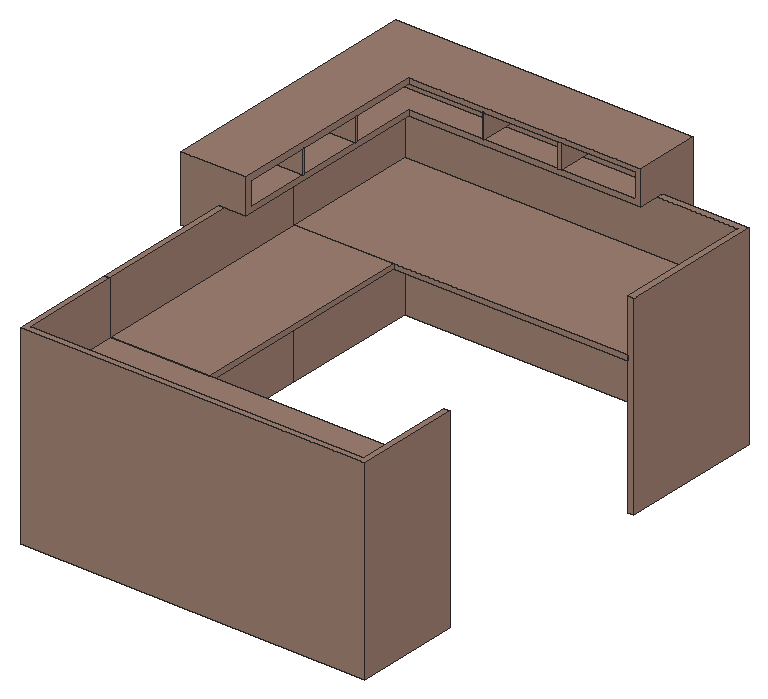
Revit family "T100127", category Furniture, Revit 2022
Family settings
  OmniClass Number = 23.40.20.00
  OmniClass Title = General Furniture and Specialties
  Work Plane-Based = No
  Always vertical = Yes
  Cut with Voids When Loaded = No
  Render Appearance Source = Family Geometry
  Shared = No
  Room Calculation Point = No
Parameters
  Default Elevation = 0' - 0"
Reference planes (in)
  plane 1 "Center Front/Back": y = 0
  plane 2: z = 0
  plane 3 "Center Left/Right": x = 0
Dimensions and locks (in)
  aligned and locked: level to plane 2
Nested families (in)
  nested 1: "OFS ELEMENT U DESK LEFT AND RIGHT WITH TRANSACTION BOX 72in Width 48in Return" at (0, 40, 0), type "ELEMENT U DESK LEFT WITH TRANSACTION BOX 72in Width 48in Return"
    with Desk Overlay Option no
Definition of nested family "OFS ELEMENT U DESK LEFT AND RIGHT WITH TRANSACTION BOX 72in Width 48in Return"
  Parameters (values of type "ELEMENT U DESK RIGHT WITH TRANSACTION BOX 72in Width 48in Return")
    Worksurface Material = none
    Worksurface Height = 2' - 5 1/2"
    Width = 6' - 0"
    URL = "http://www.ofsbrands.com/"
    Transaction Shelf Material = none
    Table Depth = 1' - 1 1/2"
    Right Return Desk Option = yes
    Return Worksurface Width = 1' - 10"
    Model = "EL-B72RU48"
    Manufacturer = "OFS"
    Left Return Desk Option = no
    Lateral Board Thickness = 0' - 1 3/16"
    Height = 3' - 11 3/4"
    Standoffs Material = none
    Groomet Material = none
    Desk Overlay Thickness = 0' - 0 1/8"
    Desk Overlay Option [instance] = yes
    Desk Overlay Material = none
    Desk Overlay = 0' - 6 1/2"
    Desk Height = 3' - 4 1/2"
    Description = "OFS BRANDS OFS ELEMENT U DESK RIGHT WITH TRANSACTION BOX, 80\"W x 56\"D DESK, 48\"W x 22\"D BRIDGE, 72\"W x 22\"D CREDENZA"
    Desk Depth = 3' - 2"
    Depth = 9' - 0"
    Default Elevation = 0' - 0"
    Credenza Depth = 1' - 10"
    Copyright © = "© 2018 OFS BRANDS"
    Catalog = "http://ofs.com/products/casegoods/reception/element"
    Box Material = none
    Box L = 1' - 6"
    Box Depth = 0' - 8"
    Box D = 4' - 4"
    Bottom Board Offset = 0' - 0"
    Chassis Material = none
    Base Depth = 2' - 6"
    Back Board Thickness = 0' - 1 3/16"
    Authoring Version = "Autodesk Revit Architecture 2013"
    Assembly Code = "E2020200"
  Types (3): name | Right Return Desk Option | Model | Left Return Desk Option | Description
    (no name) | yes | "EL-B72RU48" | no | "OFS BRANDS OFS ELEMENT U DESK RIGHT WITH TRANSACTION BOX, 80\"W x 56\"D DESK, 48\"W x 22\"D BRIDGE, 72\"W x 22\"D CREDENZA"
    ELEMENT U DESK RIGHT WITH TRANSACTION BOX 72in Width 48in Return | yes | "EL-B72RU48" | no | "OFS BRANDS OFS ELEMENT U DESK RIGHT WITH TRANSACTION BOX, 80\"W x 56\"D DESK, 48\"W x 22\"D BRIDGE, 72\"W x 22\"D CREDENZA"
    ELEMENT U DESK LEFT WITH TRANSACTION BOX 72in Width 48in Return | no | "EL-B72LU48" | yes | "OFS BRANDS OFS ELEMENT U DESK LEFT WITH TRANSACTION BOX, 80\"W x 56\"D DESK, 48\"W x 22\"D BRIDGE, 72\"W x 22\"D CREDENZA"
  Reference planes (in)
    plane 1 "Center Front/Back": y = 0
    plane 2: z = 0
    plane 3 "Center Left/Right": x = 0
    plane 4 "Back External": y = 19
    plane 5 "Right External": x = 36
    plane 6 "Front External": y = -19
    plane 7 "Left External": x = -36
    plane 8 "Seat Height": z = 29.5
    plane 9 "Height": z = 47.75
    plane 10: x = 34.8125
    plane 11: x = -34.8125
    plane 12: y = 11
    plane 13: y = 9.8125
    plane 14: y = 5.5
    plane 15: z = 40.5
    plane 16: z = 28.5
    plane 17: z = 46.625
    plane 18: z = 0
    plane 19: x = 29.5
    plane 20: x = -29.5
    plane 21: z = 6.5
    plane 22: z = 34
    plane 23: y = 11.125
    plane 24: y = -89
    plane 25: x = -14
    plane 26: x = 14
    plane 27: y = -87.8125
    plane 28: x = -31
    plane 29: x = 31
    plane 30: x = -18
    plane 31: x = 44
    plane 32: x = -44
    plane 33: x = -30.5
    plane 34: x = 30.5
    plane 35: x = 18
    plane 36: y = -37
    plane 37: y = -35.8125
    plane 38: x = 42.8125
    plane 39: x = -42.8125
    plane 40: x = -16.8125
    plane 41: x = 16.8125
    plane 42: z = 41.625
    plane 43: y = 17.8125
    plane 44: y = -8.27083
    plane 45: y = -22.04167
    plane 46: x = -1.04167
    plane 47: x = 14.72917
    plane 48: x = 1.04167
    plane 49: x = -14.72917
    plane 50: y = -67
  Forms (in)
    Extrusion 1, solid, material <- "Worksurface Material"
      sketch origin (0, 0, 0) x (1, 0, 0) y (0, 1, 0)
        loop
          line (-34.8125, 9.8125) -> (-34.8125, -19) -> (34.8125, -19) -> (34.8125, 9.8125) -> (-34.8125, 9.8125)
      from 28.5 to 29.5
    Extrusion 2, solid, material <- "Chassis Material"
      sketch origin (0, 0, 0) x (1, 0, 0) y (0, 1, 0)
        loop
          line (-36, -19) -> (-34.8125, -19) -> (-34.8125, 9.8125) -> (34.8125, 9.8125) -> (34.8125, -19) -> (36, -19) -> (36, 11) -> (-36, 11) -> (-36, -19)
      from 0 to 40.5
    Extrusion 3, solid, material <- "Box Material", visible <- "Right Return Desk Option"
      sketch origin (0, 0, 6) x (1, 0, 0) y (0, 1, 0)
        loop
          line (-18, 19) -> (-18, 5.5) -> (30.5, 5.5) -> (30.5, -37) -> (44, -37) -> (44, 19) -> (-18, 19)
      from 40.625 to 41.75
    Extrusion 4, solid, material <- "Desk Overlay Material", visible <- "Desk Overlay Option"
      sketch origin (0, 0, 0) x (1, 0, 0) y (0, 0, 1)
        loop
          line (29.5, 34) -> (-29.5, 34) -> (-29.5, 6.5) -> (29.5, 6.5) -> (29.5, 34)
      from -11.125 to -11
    Extrusion 5, solid, material <- "Chassis Material", visible <- "Left Return Desk Option"
      sketch origin (0, 0, 0) x (1, 0, 0) y (0, 1, 0)
        loop
          line (-36, -19) -> (-36, -67) -> (-34.8125, -67) -> (-34.8125, -19) -> (-36, -19)
      from 0 to 40.5
    Extrusion 6, solid, material <- "Worksurface Material", visible <- "Left Return Desk Option"
      sketch origin (14.83926, -32.43958, 0) x (1, 0, 0) y (0, 1, 0)
        loop
          line (-49.65176, 13.43958) -> (-49.65176, -34.56042) -> (-28.83926, -34.56042) -> (-28.83926, 13.43958) -> (-49.65176, 13.43958)
      from 28.5 to 29.5
    Extrusion 7, solid, material <- "Chassis Material", visible <- "Right Return Desk Option"
      sketch origin (0, 0, 0) x (-1, 0, 0) y (0, -1, 0)
        loop
          line (-36, 19) -> (-34.8125, 19) -> (-34.8125, 67) -> (-36, 67) -> (-36, 19)
      from 0 to 40.5
    Extrusion 8, solid, material <- "Worksurface Material", visible <- "Right Return Desk Option"
      sketch origin (-14.83926, -32.43958, 0) x (-1, 0, 0) y (0, -1, 0)
        loop
          line (-49.65176, -13.43958) -> (-28.83926, -13.43958) -> (-28.83926, 34.56042) -> (-49.65176, 34.56042) -> (-49.65176, -13.43958)
      from 28.5 to 29.5
    Extrusion 9, solid, material <- "Box Material", visible <- "Left Return Desk Option"
      sketch origin (0, 0, 6) x (-1, 0, 0) y (0, -1, 0)
        loop
          line (-18, -19) -> (44, -19) -> (44, 37) -> (30.5, 37) -> (30.5, -5.5) -> (-18, -5.5) -> (-18, -19)
      from 40.625 to 41.75
    Extrusion 10, solid, material <- "Box Material", visible <- "Left Return Desk Option"
      sketch origin (22, -38, 6) x (-1, 0, 0) y (0, -1, 0)
        loop
          line (4, -49) -> (58, -49) -> (58, -1) -> (52.5, -1) -> (52.5, -43.5) -> (4, -43.5) -> (4, -49)
      from 34.5 to 35.625
    Extrusion 11, solid, material <- "Box Material", visible <- "Right Return Desk Option"
      sketch origin (-22, -38, 6) x (1, 0, 0) y (0, 1, 0)
        loop
          line (4, 49) -> (4, 43.5) -> (52.5, 43.5) -> (52.5, 1) -> (58, 1) -> (58, 49) -> (4, 49)
      from 34.5 to 35.625
    Extrusion 12, solid, material <- "Box Material", visible <- "Right Return Desk Option"
      sketch origin (0, 0, 0) x (1, 0, 0) y (0, 1, 0)
        loop
          line (-18, 19) -> (-18, 17.8125) -> (42.8125, 17.8125) -> (42.8125, -37) -> (44, -37) -> (44, 19) -> (-18, 19)
      from 34 to 47.75
    Extrusion 13, solid, material <- "Box Material", visible <- "Left Return Desk Option"
      sketch origin (0, 0, 0) x (-1, 0, 0) y (0, -1, 0)
        loop
          line (-18, -19) -> (44, -19) -> (44, 37) -> (42.8125, 37) -> (42.8125, -17.8125) -> (-18, -17.8125) -> (-18, -19)
      from 34 to 47.75
    Extrusion 14, solid, material <- "Box Material", visible <- "Left Return Desk Option"
      sketch origin (0, 0, 0) x (1, 0, 0) y (0, 0, 1)
        loop
          line (-42.8125, 46.625) -> (-42.8125, 34) -> (-36, 34) -> (-36, 41.625) -> (-30.5, 41.625) -> (-30.5, 46.625) -> (-42.8125, 46.625)
      from 35.8125 to 37
    Extrusion 15, solid, material <- "Box Material", visible <- "Right Return Desk Option"
      sketch origin (0, 0, 0) x (-1, 0, 0) y (0, 0, -1)
        loop
          line (-42.8125, -46.625) -> (-30.5, -46.625) -> (-30.5, -41.625) -> (-36, -41.625) -> (-36, -34) -> (-42.8125, -34) -> (-42.8125, -46.625)
      from 35.8125 to 37
    Extrusion 16, solid, material <- "Box Material", visible <- "Right Return Desk Option"
      sketch origin (0, 5.66667, 0) x (1, 0, 0) y (0, 1, 0)
        loop
          line (30.5, -13.8125) -> (30.5, -14.0625) -> (42.8125, -14.0625) -> (42.8125, -13.8125) -> (30.5, -13.8125)
      from 41.625 to 46.625
    Extrusion 17, solid, material <- "Box Material", visible <- "Right Return Desk Option"
      sketch origin (0, -6.66667, 0) x (1, 0, 0) y (0, 1, 0)
        loop
          line (30.5, -15.25) -> (30.5, -15.5) -> (42.8125, -15.5) -> (42.8125, -15.25) -> (30.5, -15.25)
      from 41.625 to 46.625
    Extrusion 18, solid, material <- "Box Material", visible <- "Left Return Desk Option"
      sketch origin (0, 5.66667, 0) x (-1, 0, 0) y (0, -1, 0)
        loop
          line (30.5, 13.8125) -> (42.8125, 13.8125) -> (42.8125, 14.0625) -> (30.5, 14.0625) -> (30.5, 13.8125)
      from 41.625 to 46.625
    Extrusion 19, solid, material <- "Box Material", visible <- "Left Return Desk Option"
      sketch origin (0, -6.66667, 0) x (-1, 0, 0) y (0, -1, 0)
        loop
          line (30.5, 15.25) -> (42.8125, 15.25) -> (42.8125, 15.5) -> (30.5, 15.5) -> (30.5, 15.25)
      from 41.625 to 46.625
    Extrusion 20, solid, material <- "Box Material", visible <- "Right Return Desk Option"
      sketch origin (1.16497, -1.66375, 0) x (1, 0, 0) y (0, 1, 0)
        loop
          line (13.58503, 19.47625) -> (13.58503, 7.16375) -> (13.9392, 7.16375) -> (13.9392, 19.47625) -> (13.58503, 19.47625)
      from 41.625 to 46.625
    Extrusion 21, solid, material <- "Box Material", visible <- "Right Return Desk Option"
      sketch origin (-14.60586, -1.66375, 0) x (1, 0, 0) y (0, 1, 0)
        loop
          line (13.1892, 19.47625) -> (13.1892, 7.16375) -> (13.9392, 7.16375) -> (13.9392, 19.47625) -> (13.1892, 19.47625)
      from 41.625 to 46.625
    Extrusion 22, solid, material <- "Box Material", visible <- "Left Return Desk Option"
      sketch origin (-1.16497, -1.66375, 0) x (-1, 0, 0) y (0, -1, 0)
        loop
          line (13.58503, -19.47625) -> (13.9392, -19.47625) -> (13.9392, -7.16375) -> (13.58503, -7.16375) -> (13.58503, -19.47625)
      from 41.625 to 46.625
    Extrusion 23, solid, material <- "Box Material", visible <- "Left Return Desk Option"
      sketch origin (14.60586, -1.66375, 0) x (-1, 0, 0) y (0, -1, 0)
        loop
          line (13.1892, -19.47625) -> (13.9392, -19.47625) -> (13.9392, -7.16375) -> (13.1892, -7.16375) -> (13.1892, -19.47625)
      from 41.625 to 46.625
    Extrusion 24, solid, material <- "Box Material", visible <- "Right Return Desk Option"
      sketch origin (-3.41497, -1.91375, 0) x (-1, 0, 0) y (0, -1, 0)
        loop
          line (13.39753, -19.72625) -> (14.58503, -19.72625) -> (14.58503, -7.41375) -> (13.39753, -7.41375) -> (13.39753, -19.72625)
      from 41.625 to 46.625
    Extrusion 25, solid, material <- "Box Material", visible <- "Left Return Desk Option"
      sketch origin (2.66497, -1.91375, 0) x (1, 0, 0) y (0, 1, 0)
        loop
          line (14.14753, 19.72625) -> (14.14753, 7.41375) -> (15.33503, 7.41375) -> (15.33503, 19.72625) -> (14.14753, 19.72625)
      from 41.625 to 46.625
    Extrusion 26, solid, material <- "Box Material", visible <- "Right Return Desk Option"
      sketch origin (-3.41497, -1.91375, 0) x (-1, 0, 0) y (0, -1, 0)
        loop
          line (13.39753, -19.72625) -> (14.58503, -19.72625) -> (14.58503, -12.91375) -> (13.39753, -12.91375) -> (13.39753, -19.72625)
      from 34 to 41.625
    Extrusion 27, solid, material <- "Box Material", visible <- "Left Return Desk Option"
      sketch origin (38.58503, -1.91375, 0) x (-1, 0, 0) y (0, -1, 0)
        loop
          line (20.58503, -19.72625) -> (21.77253, -19.72625) -> (21.77253, -12.91375) -> (20.58503, -12.91375) -> (20.58503, -19.72625)
      from 34 to 41.625
    Extrusion 28, solid, material <- "Worksurface Material"
      sketch origin (36.05246, -53.65278, 0) x (1, 0, 0) y (0, 1, 0)
        loop
          line (-70.86496, -13.34722) -> (-70.86496, -34.15972) -> (-1.23996, -34.15972) -> (-1.23996, -13.34722) -> (-70.86496, -13.34722)
      from 28.5 to 29.5
    Extrusion 29, solid, material <- "Chassis Material"
      sketch origin (22.69245, -7.81364, 0) x (1, 0, 0) y (0, 1, 0)
        loop
          line (-58.69245, -59.18636) -> (-58.69245, -81.18636) -> (13.30755, -81.18636) -> (13.30755, -59.18636) -> (12.12005, -59.18636) -> (12.12005, -79.99886) -> (-57.50495, -79.99886) -> (-57.50495, -59.18636) -> (-58.69245, -59.18636)
      from 0 to 40.5
  Cuts and joins
    joined: Extrusion 9, Extrusion 10, Extrusion 13, Extrusion 14, Extrusion 25, Extrusion 27
    joined: Extrusion 3, Extrusion 11, Extrusion 12, Extrusion 15, Extrusion 24, Extrusion 26
  Dimensions and locks (in)
    equal spacing: plane 7 "Left External", plane 3 "Center Left/Right", plane 5 "Right External"
    "Width": plane 7 "Left External" to plane 5 "Right External"
    equal spacing: plane 6 "Front External", plane 1 "Center Front/Back", plane 4 "Back External"
    "Desk Depth": plane 4 "Back External" to plane 6 "Front External"
    "Worksurface Height": plane 8 "Seat Height" to level
    "Height": plane 9 "Height" to level
    "Lateral Board Thickness": plane 7 "Left External" to plane 11
    "Lateral Board Thickness": plane 10 to plane 5 "Right External"
    "Base Depth": plane 12 to plane 6 "Front External"
    "Back Board Thickness": plane 12 to plane 13
    "Table Depth": plane 4 "Back External" to plane 14
    "Desk Height": plane 15 to level
    "Bottom Board Offset": plane 18 to level
    "Desk Overlay": plane 5 "Right External" to plane 19
    "Desk Overlay": plane 20 to plane 7 "Left External"
    plane 20 to plane 19 = 4' - 11"
    "Desk Overlay": plane 22 to plane 15
    "Desk Overlay": plane 18 to plane 21
    "Desk Overlay Thickness": plane 23 to plane 12
    "Depth": plane 4 "Back External" to plane 24
    "Return Worksurface Width": plane 7 "Left External" to plane 25
    "Return Worksurface Width": plane 26 to plane 5 "Right External"
    "Back Board Thickness": plane 27 to plane 24
    locked: plane 7 "Left External" to plane 28 at 5
    locked: plane 29 to plane 5 "Right External" at 5
    locked: plane 9 "Height" to plane 17 at 1.125
    locked: plane 8 "Seat Height" to plane 16 at 1
    "Box Depth": plane 5 "Right External" to plane 31
    "Box Depth": plane 7 "Left External" to plane 32
    "Table Depth": plane 32 to plane 33
    "Table Depth": plane 31 to plane 34
    "Box L": plane 7 "Left External" to plane 30
    "Box L": plane 5 "Right External" to plane 35
    "Box D": plane 36 to plane 24
    "Back Board Thickness": plane 37 to plane 36
    "Back Board Thickness": plane 38 to plane 31
    "Back Board Thickness": plane 39 to plane 32
    "Back Board Thickness": plane 30 to plane 40
    "Back Board Thickness": plane 41 to plane 35
    locked: plane 42 to plane 15 at 1.125
    "Back Board Thickness": plane 4 "Back External" to plane 43
    equal spacing: plane 14, plane 44, plane 45, plane 37
    equal spacing: plane 40, plane 46, plane 47, plane 34
    equal spacing: plane 41, plane 48, plane 49, plane 33
    "Credenza Depth": plane 50 to plane 24
    aligned and locked: level to plane 2
    aligned and locked: Extrusion 1 sketch curve to plane 13
    aligned and locked: Extrusion 1 sketch curve to plane 11
    aligned and locked: plane 6 "Front External" to Extrusion 1 sketch curve
    aligned and locked: Extrusion 1 sketch curve to plane 10
    aligned and locked: plane 7 "Left External" to Extrusion 2 sketch curve
    aligned and locked: Extrusion 2 sketch curve to Extrusion 1  (x3)
    aligned and locked: plane 12 to Extrusion 2 sketch curve
    aligned and locked: plane 5 "Right External" to Extrusion 2 sketch curve
    aligned and locked: Extrusion 1 to Extrusion 2 sketch curve
    aligned and locked: Extrusion 2 sketch curve to plane 13
    aligned and locked: Extrusion 2 to plane 18
    aligned and locked: Extrusion 1 to plane 16
    aligned and locked: plane 8 "Seat Height" to Extrusion 1
    aligned and locked: Extrusion 3 to plane 14
    aligned and locked: Extrusion 3 to plane 4 "Back External"
    aligned and locked: Extrusion 3 to plane 9 "Height"
    aligned and locked: Extrusion 3 to plane 17
    aligned and locked: Extrusion 4 sketch curve to plane 22
    aligned and locked: Extrusion 4 sketch curve to plane 19
    aligned and locked: Extrusion 4 sketch curve to plane 21
    aligned and locked: Extrusion 4 sketch curve to plane 20
    aligned and locked: Extrusion 4 to plane 12
    aligned and locked: Extrusion 4 to plane 23
    aligned and locked: Extrusion 5 sketch curve to plane 6 "Front External"
    aligned and locked: plane 11 to Extrusion 6
    aligned and locked: plane 6 "Front External" to Extrusion 6
    aligned and locked: Extrusion 6 to plane 25
    aligned and locked: plane 6 "Front External" to Extrusion 8
    aligned and locked: Extrusion 8 to plane 26
    aligned and locked: plane 10 to Extrusion 8
    aligned and locked: plane 6 "Front External" to Extrusion 7
    aligned and locked: Extrusion 7 to plane 10
    aligned and locked: plane 5 "Right External" to Extrusion 7
    aligned and locked: Extrusion 5 to plane 18
    aligned and locked: Extrusion 7 to plane 18
    aligned and locked: plane 15 to Extrusion 7
    aligned and locked: plane 15 to Extrusion 5
    aligned and locked: plane 31 to Extrusion 3 sketch curve
    aligned and locked: plane 34 to Extrusion 3 sketch curve
    aligned and locked: plane 36 to Extrusion 3 sketch curve
    aligned and locked: Extrusion 3 sketch curve to plane 30
    aligned and locked: plane 9 "Height" to Extrusion 9
    aligned and locked: Extrusion 9 to plane 17
    aligned and locked: Extrusion 6 to plane 16
    aligned and locked: plane 8 "Seat Height" to Extrusion 6
    aligned and locked: Extrusion 8 to plane 16
    aligned and locked: plane 8 "Seat Height" to Extrusion 8
    aligned and locked: plane 15 to Extrusion 2
    aligned and locked: Extrusion 10 to plane 7 "Left External"
    aligned and locked: Extrusion 10 to plane 33
    aligned and locked: Extrusion 10 to plane 14
    aligned and locked: Extrusion 10 to plane 35
    aligned and locked: Extrusion 10 to plane 36
    aligned and locked: Extrusion 10 to plane 15
    aligned and locked: plane 42 to Extrusion 10
    aligned and locked: Extrusion 11 to plane 15
    aligned and locked: plane 42 to Extrusion 11
    aligned and locked: plane 36 to Extrusion 12 sketch curve
    aligned and locked: plane 31 to Extrusion 12 sketch curve
    aligned and locked: Extrusion 12 sketch curve to plane 38
    aligned and locked: plane 9 "Height" to Extrusion 13
    aligned and locked: Extrusion 13 to plane 35
    aligned and locked: Extrusion 12 to plane 30
    aligned and locked: plane 39 to Extrusion 14 sketch curve
    aligned and locked: Extrusion 14 sketch curve to plane 17
    aligned and locked: plane 42 to Extrusion 14 sketch curve
    aligned and locked: Extrusion 14 sketch curve to plane 7 "Left External"
    aligned and locked: Extrusion 14 to plane 33
    aligned and locked: plane 37 to Extrusion 14
    aligned and locked: Extrusion 14 to plane 36
    aligned and locked: Extrusion 15 to plane 36
    aligned and locked: plane 37 to Extrusion 15
    aligned and locked: Extrusion 12 to plane 9 "Height"
    aligned and locked: plane 22 to Extrusion 15
    aligned and locked: Extrusion 12 to plane 22
    aligned and locked: Extrusion 14 to plane 22
    aligned and locked: Extrusion 13 to plane 22
    aligned and locked: Extrusion 16 to plane 34
    aligned and locked: Extrusion 17 to plane 34
    aligned and locked: Extrusion 17 to plane 17
    aligned and locked: Extrusion 16 to plane 17
    aligned and locked: Extrusion 17 to plane 42
    aligned and locked: Extrusion 16 to plane 42
    aligned and locked: Extrusion 17 to plane 38
    aligned and locked: Extrusion 16 to plane 38
    aligned and locked: Extrusion 9 to plane 36
    aligned and locked: Extrusion 13 to plane 36
    aligned and locked: Extrusion 11 to plane 36
    aligned and locked: plane 5 "Right External" to Extrusion 11
    aligned and locked: Extrusion 11 to plane 30
    aligned and locked: Extrusion 9 to plane 35
    aligned and locked: Extrusion 13 to plane 43
    aligned and locked: Extrusion 12 to plane 43
    aligned and locked: plane 17 to Extrusion 19
    aligned and locked: plane 17 to Extrusion 18
    aligned and locked: Extrusion 19 to plane 42
    aligned and locked: Extrusion 18 to plane 42
    aligned and locked: Extrusion 19 to plane 39
    aligned and locked: Extrusion 19 to plane 33
    aligned and locked: Extrusion 18 to plane 39
    aligned and locked: Extrusion 18 to plane 33
    aligned and locked: plane 12 to Extrusion 11
    aligned and locked: plane 12 to Extrusion 10
    aligned and locked: Extrusion 22 to plane 14
    aligned and locked: Extrusion 23 to plane 14
    aligned and locked: plane 14 to Extrusion 22
    aligned and locked: Extrusion 21 to plane 14
    aligned and locked: plane 43 to Extrusion 22
    aligned and locked: plane 43 to Extrusion 21
    aligned and locked: plane 43 to Extrusion 23
    aligned and locked: plane 43 to Extrusion 20
    aligned and locked: plane 17 to Extrusion 22
    aligned and locked: plane 17 to Extrusion 21
    aligned and locked: plane 17 to Extrusion 23
    aligned and locked: plane 17 to Extrusion 20
    aligned and locked: Extrusion 22 to plane 42
    aligned and locked: Extrusion 21 to plane 42
    aligned and locked: Extrusion 23 to plane 42
    aligned and locked: Extrusion 20 to plane 42
    aligned and locked: Extrusion 24 to plane 30
    aligned and locked: plane 40 to Extrusion 24
    aligned and locked: Extrusion 25 to plane 35
    aligned and locked: plane 41 to Extrusion 25
    aligned and locked: plane 43 to Extrusion 24
    aligned and locked: plane 43 to Extrusion 25
    aligned and locked: Extrusion 24 to plane 14
    aligned and locked: Extrusion 25 to plane 14
    aligned and locked: plane 17 to Extrusion 24
    aligned and locked: plane 17 to Extrusion 25
    aligned and locked: Extrusion 24 to plane 42
    aligned and locked: Extrusion 25 to plane 42
    aligned and locked: Extrusion 26 to plane 22
    aligned and locked: Extrusion 26 to plane 12
    aligned and locked: plane 43 to Extrusion 26
    aligned and locked: Extrusion 26 to plane 30
    aligned and locked: plane 42 to Extrusion 26
    aligned and locked: Extrusion 27 to plane 35
    aligned and locked: plane 41 to Extrusion 27
    aligned and locked: plane 42 to Extrusion 27
    aligned and locked: Extrusion 27 to plane 22
    aligned and locked: plane 43 to Extrusion 27
    aligned and locked: Extrusion 27 to plane 12
    aligned and locked: Extrusion 6 to plane 50
    aligned and locked: Extrusion 8 to plane 50
    aligned and locked: Extrusion 28 to plane 27
    aligned and locked: plane 50 to Extrusion 28
    aligned and locked: plane 11 to Extrusion 28
    aligned and locked: Extrusion 28 to plane 10
    aligned and locked: Extrusion 28 to plane 16
    aligned and locked: plane 8 "Seat Height" to Extrusion 28
    aligned and locked: plane 50 to Extrusion 5 sketch curve
    aligned and locked: Extrusion 7 sketch curve to plane 50
    aligned and locked: Extrusion 29 sketch curve to plane 7 "Left External"
    aligned and locked: plane 11 to Extrusion 29 sketch curve
    aligned and locked: Extrusion 29 sketch curve to plane 5 "Right External"
    aligned and locked: Extrusion 29 sketch curve to plane 10
    aligned and locked: Extrusion 29 sketch curve to plane 27
    aligned and locked: plane 24 to Extrusion 29 sketch curve
    aligned and locked: plane 50 to Extrusion 29  (x2)
  Automatic sketch dimensions
    Extrusion 3 sketch curve to plane 14 = 0' - 0"
    plane 4 "Back External" to Extrusion 3 sketch curve = 0' - 0"
    Extrusion 5 sketch curve to plane 7 "Left External" = 0' - 0"
    Extrusion 6 sketch curve to plane 11 = 0' - 0"
    Extrusion 6 sketch curve to plane 25 = 0' - 0"
    Extrusion 6 sketch curve to plane 50 = 0' - 0"
    Extrusion 6 sketch curve to plane 6 "Front External" = 0' - 0"
    Extrusion 8 sketch curve to plane 10 = 0' - 0"
    Extrusion 8 sketch curve to plane 26 = 0' - 0"
    Extrusion 8 sketch curve to plane 50 = 0' - 0"
    Extrusion 8 sketch curve to plane 6 "Front External" = 0' - 0"
    Extrusion 9 sketch curve to plane 4 "Back External" = 0' - 0"
    Extrusion 9 sketch curve to plane 35 = 0' - 0"
    Extrusion 9 sketch curve to plane 33 = 0' - 0"
    Extrusion 9 sketch curve to plane 32 = 0' - 0"
    Extrusion 9 sketch curve to plane 14 = 0' - 0"
    Extrusion 9 sketch curve to plane 36 = 0' - 0"
    Extrusion 10 sketch curve to plane 12 = 0' - 0"
    Extrusion 10 sketch curve to plane 35 = 0' - 0"
    Extrusion 10 sketch curve to plane 33 = 0' - 0"
    Extrusion 10 sketch curve to plane 7 "Left External" = 0' - 0"
    Extrusion 10 sketch curve to plane 14 = 0' - 0"
    Extrusion 10 sketch curve to plane 36 = 0' - 0"
    Extrusion 11 sketch curve to plane 12 = 0' - 0"
    Extrusion 11 sketch curve to plane 30 = 0' - 0"
    Extrusion 11 sketch curve to plane 34 = 0' - 0"
    Extrusion 11 sketch curve to plane 5 "Right External" = 0' - 0"
    Extrusion 11 sketch curve to plane 36 = 0' - 0"
    Extrusion 11 sketch curve to plane 14 = 0' - 0"
    Extrusion 12 sketch curve to plane 4 "Back External" = 0' - 0"
    Extrusion 12 sketch curve to plane 30 = 0' - 0"
    plane 43 to Extrusion 12 sketch curve = 0' - 0"
    Extrusion 13 sketch curve to plane 4 "Back External" = 0' - 0"
    Extrusion 13 sketch curve to plane 35 = 0' - 0"
    Extrusion 13 sketch curve to plane 36 = 0' - 0"
    Extrusion 13 sketch curve to plane 39 = 0' - 0"
    Extrusion 13 sketch curve to plane 32 = 0' - 0"
    Extrusion 13 sketch curve to plane 43 = 0' - 0"
    plane 33 to Extrusion 14 sketch curve = 0' - 0"
    Extrusion 14 sketch curve to plane 22 = 0' - 0"
    Extrusion 15 sketch curve to plane 17 = 0' - 0"
    plane 38 to Extrusion 15 sketch curve = 0' - 0"
    Extrusion 15 sketch curve to plane 5 "Right External" = 0' - 0"
    Extrusion 15 sketch curve to plane 34 = 0' - 0"
    Extrusion 15 sketch curve to plane 22 = 0' - 0"
    Extrusion 15 sketch curve to plane 42 = 0' - 0"
    Extrusion 16 sketch curve to plane 34 = 0' - 0"
    Extrusion 16 sketch curve to plane 38 = 0' - 0"
    Extrusion 16 sketch curve to plane 44 = 0' - 0 1/8"
    plane 44 to Extrusion 16 sketch curve = 0' - 0 1/8"
    Extrusion 17 sketch curve to plane 34 = 0' - 0"
    Extrusion 17 sketch curve to plane 38 = 0' - 0"
    Extrusion 17 sketch curve to plane 45 = 0' - 0 1/8"
    plane 45 to Extrusion 17 sketch curve = 0' - 0 1/8"
    Extrusion 18 sketch curve to plane 33 = 0' - 0"
    Extrusion 18 sketch curve to plane 39 = 0' - 0"
    plane 44 to Extrusion 18 sketch curve = 0' - 0 1/8"
    Extrusion 18 sketch curve to plane 44 = 0' - 0 1/8"
    Extrusion 19 sketch curve to plane 33 = 0' - 0"
    Extrusion 19 sketch curve to plane 39 = 0' - 0"
    plane 45 to Extrusion 19 sketch curve = 0' - 0 1/8"
    Extrusion 19 sketch curve to plane 45 = 0' - 0 1/8"
    Extrusion 20 sketch curve to plane 14 = 0' - 0"
    Extrusion 20 sketch curve to plane 43 = 0' - 0"
    plane 47 to Extrusion 20 sketch curve = 0' - 0.02083"
    Extrusion 20 sketch curve to Extrusion 20 sketch curve = 0' - 0.35417"
    Extrusion 21 sketch curve to plane 14 = 0' - 0"
    Extrusion 21 sketch curve to plane 43 = 0' - 0"
    Extrusion 21 sketch curve to plane 46 = 0' - 0 3/8"
    plane 46 to Extrusion 21 sketch curve = 0' - 0 3/8"
    Extrusion 22 sketch curve to plane 14 = 0' - 0"
    Extrusion 22 sketch curve to plane 43 = 0' - 0"
    Extrusion 22 sketch curve to plane 49 = 0' - 0.02083"
    Extrusion 22 sketch curve to Extrusion 22 sketch curve = 0' - 0.35417"
    Extrusion 23 sketch curve to plane 14 = 0' - 0"
    Extrusion 23 sketch curve to plane 43 = 0' - 0"
    plane 48 to Extrusion 23 sketch curve = 0' - 0 3/8"
    Extrusion 23 sketch curve to plane 48 = 0' - 0 3/8"
    Extrusion 24 sketch curve to plane 14 = 0' - 0"
    Extrusion 24 sketch curve to plane 40 = 0' - 0"
    Extrusion 24 sketch curve to plane 30 = 0' - 0"
    Extrusion 24 sketch curve to plane 43 = 0' - 0"
    Extrusion 25 sketch curve to plane 14 = 0' - 0"
    Extrusion 25 sketch curve to plane 41 = 0' - 0"
    Extrusion 25 sketch curve to plane 35 = 0' - 0"
    Extrusion 25 sketch curve to plane 43 = 0' - 0"
    Extrusion 26 sketch curve to plane 12 = 0' - 0"
    Extrusion 26 sketch curve to plane 40 = 0' - 0"
    Extrusion 26 sketch curve to plane 30 = 0' - 0"
    Extrusion 26 sketch curve to plane 43 = 0' - 0"
    Extrusion 27 sketch curve to plane 12 = 0' - 0"
    Extrusion 27 sketch curve to plane 35 = 0' - 0"
    Extrusion 27 sketch curve to plane 41 = 0' - 0"
    Extrusion 27 sketch curve to plane 43 = 0' - 0"
    Extrusion 28 sketch curve to plane 11 = 0' - 0"
    Extrusion 28 sketch curve to plane 10 = 0' - 0"
    Extrusion 28 sketch curve to plane 27 = 0' - 0"
    Extrusion 28 sketch curve to plane 50 = 0' - 0"
    Extrusion 5 sketch curve to plane 11 = 0' - 0"
    Extrusion 7 sketch curve to plane 5 "Right External" = 0' - 0"
    Extrusion 7 sketch curve to plane 6 "Front External" = 0' - 0"
    Extrusion 7 sketch curve to plane 10 = 0' - 0"
    Extrusion 29 sketch curve to plane 36 = 2' - 6"  (x2)
